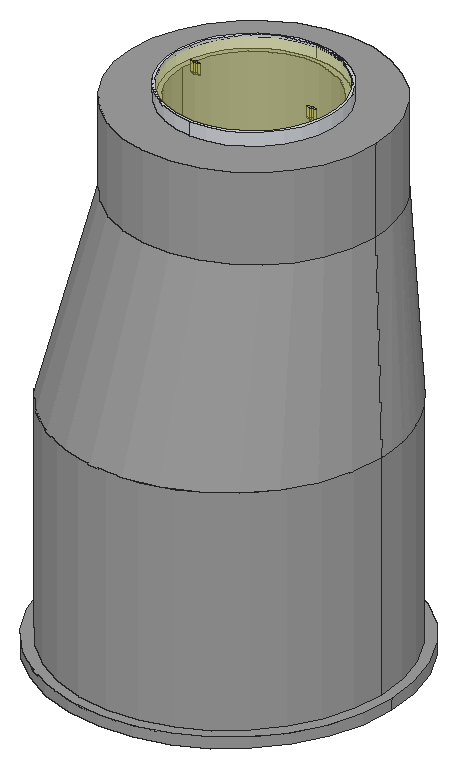
Revit family "检查井+四管+φ1000+2014", category 管路附件, Revit 2014
Parameters
  铸铁 = 默认光源
  Assembly Code = ""
  说明 = "永久免费族库下载，找构件就上构件坞"
  Type Comments = ""
  盖板2 = 10 mm  # constant formula
  混凝土 = 默认墙
  Keynote = ""
  Model = ""
  Manufacturer = ""
  三管 = yes
  d4 = d3 + 20 mm  # 770 mm
  盖板1 = 50 mm
  深度 [instance] = 400 mm
  h3 = 50 mm
  h2 = 1030 mm
  h1 = 840 mm
  d3 = d2 + 50 mm  # 750 mm
  d2 = 700 mm
  d1 = 1000 mm
  a = (D1_2 - D2_2) / 2  # 150 mm
  URL = "www.goujianwu.com"
  K Coefficient Table = (empty or 0)
  D3_2 = D1_2 + 100 mm  # 1580 mm
  D2_2 = 1180 mm
  D1_2 = 1480 mm
  4号管角度 [instance] = 270.00°
  4号管深度 [instance] = 1500 mm
  4号管尺寸 [instance] = 160 mm
  4号管外径 [instance] = [4号管尺寸] + 50 mm  # 210 mm
  3号管角度 [instance] = 180.00°
  3号管深度 [instance] = 1600 mm
  3号管尺寸 [instance] = 200 mm
  3号管外径 [instance] = [3号管尺寸] + 50 mm  # 250 mm
  2号管角度 [instance] = 90.00°
  2号管深度 [instance] = 1800 mm
  2号管尺寸 [instance] = 440 mm
  2号管外径 [instance] = [2号管尺寸] + 100 mm  # 540 mm
  1号管角度 [instance] = 0.00°
  1号管深度 [instance] = 2000 mm
  1号管尺寸 [instance] = 440 mm
  1号管外径 [instance] = [1号管尺寸] + 100 mm  # 540 mm
Reference planes
  plane 1 "中心(前/后)": y = 0
  plane 2: z = 0
  plane 3 "中心(左/右)": x = 0
  plane 4: y = 150
  plane 5: z = -400
  plane 6: z = -1240
  plane 7: z = -2270
  plane 8: z = -2320
  plane 9 "1号管心平面": z = -2000
  plane 10 "2号管心平面": z = -1800
  plane 11 "3号管心平面": z = -1600
  plane 12 "4号管心平面": z = -1500
  plane 13 "盖板": z = 50
  plane 14 "1": z = 60
Forms (mm)
  Extrusion 1, solid, material "默认墙" <- "混凝土", visible <- "三管"
    sketch origin (0, 0, 0) x (1, 0, 0) y (0, 1, 0)
      loop
        circle (0, 0) r 740
    from -2270 to -1240
  Extrusion 2, solid, material "默认墙" <- "混凝土", visible <- "三管"
    sketch origin (0, 0, 0) x (1, 0, 0) y (0, 1, 0)
      loop
        circle (0, 150) r 590
      loop
        circle (0, 150) r 350
    from -400 to 0
  Blend 3, solid, material "默认墙" <- "混凝土", visible <- "三管"
    base sketch origin (0, 0, 0) x (1, 0, 0) y (0, 1, 0)
      loop
        circle (0, 0) r 740
    top sketch origin (0, 0, 0) x (1, 0, 0) y (0, 1, 0)
      loop
        circle (0, 150) r 590
    from -1240 to -400
  Blend 4, void
    base sketch origin (0, 0, 0) x (1, 0, 0) y (0, 1, 0)
      loop
        circle (0, 0) r 500
    top sketch origin (0, 0, 0) x (1, 0, 0) y (0, 1, 0)
      loop
        circle (0, 150) r 350
    from -1240 to -400
  Extrusion 5, solid, material "默认墙" <- "混凝土"
    sketch origin (0, 0, 0) x (1, 0, 0) y (0, 1, 0)
      loop
        circle (0, 0) r 790
    from -2320 to -2270
  Extrusion 6, void
    sketch origin (0, 0, -1500) x (0, -1, 0) y (1, 0, 0)
      loop
        circle (0, 0) r 500
    from -770 to 260
  Extrusion 7, solid, material "默认光源" <- "铸铁"
    sketch origin (0, 0, -1500) x (0, -1, 0) y (1, 0, 0)
      loop
        circle (-150, 0) r 375
    from 1500 to 1550
  Extrusion 8, solid
    sketch origin (0, 0, -1500) x (0, -1, 0) y (1, 0, 0)
      loop
        circle (-150, 0) r 385
      loop
        circle (-150, 0) r 375
    from 1500 to 1560
  Extrusion 9, void
    sketch origin (-596.495, -69.435, -1500) x (-1, 0, 0) y (0, -1, 0)
      loop
        spline (-310.835, -224.963) -> (-305.323, -224.624) -> (-300.346, -224.041) -> (-296.169, -223.246) -> (-293.015, -222.281) -> (-291.05, -221.196) -> (-290.381, -220.051) -> (-291.041, -218.905) -> (-292.997, -217.82) -> (-296.144, -216.853) -> (-300.314, -216.057) -> (-305.286, -215.472) -> (-310.795, -215.131)
        spline (-310.795, -215.131) -> (-311.269, -213.194) -> (-311.892, -211.503) -> (-312.64, -210.119) -> (-313.487, -209.093) -> (-314.402, -208.461) -> (-315.351, -208.248) -> (-316.301, -208.461) -> (-317.216, -209.092) -> (-318.063, -210.118) -> (-318.812, -211.501) -> (-319.434, -213.192) -> (-319.908, -215.129)
        spline (-319.908, -215.129) -> (-325.43, -215.468) -> (-330.416, -216.052) -> (-334.599, -216.849) -> (-337.756, -217.816) -> (-339.718, -218.903) -> (-340.381, -220.051) -> (-339.709, -221.198) -> (-337.738, -222.284) -> (-334.573, -223.251) -> (-330.384, -224.046) -> (-325.394, -224.628) -> (-319.869, -224.965)
        spline (-319.869, -224.965) -> (-319.389, -226.852) -> (-318.766, -228.495) -> (-318.024, -229.837) -> (-317.187, -230.831) -> (-316.286, -231.441) -> (-315.351, -231.647) -> (-314.417, -231.441) -> (-313.516, -230.83) -> (-312.679, -229.836) -> (-311.937, -228.493) -> (-311.315, -226.85) -> (-310.835, -224.963)
    from 1500 to 1550
  Extrusion 10, void
    sketch origin (-34.266, 370.461, -1500) x (-1, 0, 0) y (0, -1, 0)
      loop
        spline (-310.835, 224.963) -> (-311.315, 226.85) -> (-311.937, 228.493) -> (-312.679, 229.836) -> (-313.516, 230.83) -> (-314.417, 231.441) -> (-315.351, 231.647) -> (-316.286, 231.441) -> (-317.187, 230.831) -> (-318.024, 229.837) -> (-318.766, 228.495) -> (-319.389, 226.852) -> (-319.869, 224.965)
        spline (-319.869, 224.965) -> (-325.394, 224.628) -> (-330.384, 224.046) -> (-334.573, 223.251) -> (-337.738, 222.284) -> (-339.709, 221.198) -> (-340.381, 220.051) -> (-339.718, 218.903) -> (-337.756, 217.816) -> (-334.599, 216.849) -> (-330.416, 216.052) -> (-325.43, 215.468) -> (-319.908, 215.129)
        spline (-319.908, 215.129) -> (-319.434, 213.192) -> (-318.812, 211.501) -> (-318.063, 210.118) -> (-317.216, 209.092) -> (-316.301, 208.461) -> (-315.351, 208.248) -> (-314.402, 208.461) -> (-313.487, 209.093) -> (-312.64, 210.119) -> (-311.892, 211.503) -> (-311.269, 213.194) -> (-310.795, 215.131)
        spline (-310.795, 215.131) -> (-305.286, 215.472) -> (-300.314, 216.057) -> (-296.144, 216.853) -> (-292.997, 217.82) -> (-291.041, 218.905) -> (-290.381, 220.051) -> (-291.05, 221.196) -> (-293.015, 222.281) -> (-296.169, 223.246) -> (-300.346, 224.041) -> (-305.323, 224.624) -> (-310.835, 224.963)
    from 1500 to 1550
Cuts and joins
  Extrusion 6 cuts Extrusion 1
  Blend 4 cuts Extrusion 2
  Blend 4 cuts Blend 3
  joined: Extrusion 1, Extrusion 2, Blend 3
  Extrusion 9, Extrusion 10 cuts Extrusion 7
Dimensions and locks
  "a": plane 4 to plane 1 "中心(前/后)"
  "深度": level to plane 5
  "h1": plane 5 to plane 6
  "h2": plane 6 to plane 7
  "h3": plane 7 to plane 8
  "1号管深度": level to plane 9 "1号管心平面"
  "2号管深度": level to plane 10 "2号管心平面"
  "3号管深度": level to plane 11 "3号管心平面"
  "4号管深度": plane 2 to plane 12 "4号管心平面"
  "盖板1": plane 13 "盖板" to level
  "盖板2": plane 14 "1" to plane 13 "盖板"
  "D1_2": diameter of Extrusion 1 sketch curve
  "d2": diameter of Extrusion 2 sketch curve
  "D2_2": diameter of Extrusion 2 sketch curve
  "D1_2": diameter of Blend 3 sketch curve
  "D2_2": diameter of Blend 3 sketch curve
  "d1": diameter of Blend 4 sketch curve
  "d2": diameter of Blend 4 sketch curve
  "D3_2": diameter of Extrusion 5 sketch curve
  "d1": diameter of Extrusion 6 sketch curve
  "d3": diameter of Extrusion 7 sketch curve
  "d4": diameter of Extrusion 8 sketch curve
  "d3": diameter of Extrusion 8 sketch curve
  aligned and locked: level to plane 2
  aligned and locked: Extrusion 2 to plane 5
  aligned and locked: Blend 3 to Extrusion 2
  aligned and locked: Blend 4 to Extrusion 2
  aligned and locked: Blend 4 to plane 6
  aligned and locked: Blend 3 to Blend 4
  aligned and locked: Extrusion 1 to cut or joined group of Extrusion 1, Extrusion 2, Blend 3, Blend 4, Extrusion 6
  aligned and locked: Extrusion 1 to plane 7
  aligned and locked: Extrusion 5 to plane 8
  aligned and locked: plane 7 to Extrusion 5
  aligned and locked: plane 2 to cut or joined group of Extrusion 1, Extrusion 2, Blend 3, Blend 4, Extrusion 6
  aligned and locked: plane 13 "盖板" to Extrusion 7
  aligned and locked: Extrusion 7 to level
  aligned and locked: Extrusion 8 to level
  aligned and locked: plane 14 "1" to Extrusion 8
Automatic sketch dimensions
  Extrusion 9 sketch curve to plane 4 = 4.306 mm
  Extrusion 9 sketch curve to plane 3 "中心(左/右)" = 276.587 mm
  plane 4 to Extrusion 9 sketch curve = 5.53 mm
  Extrusion 9 sketch curve to Extrusion 9 sketch curve = 0.04 mm
  plane 4 to Extrusion 9 sketch curve = 0.611 mm
  Extrusion 9 sketch curve to Extrusion 9 sketch curve = 4.488 mm
  Extrusion 9 sketch curve to Extrusion 9 sketch curve = 0 mm  (x4)
  Extrusion 9 sketch curve to Extrusion 9 sketch curve = 4.517 mm
  plane 4 to Extrusion 9 sketch curve = 5.528 mm
  Extrusion 9 sketch curve to Extrusion 9 sketch curve = 4.546 mm
  Extrusion 9 sketch curve to Extrusion 9 sketch curve = 4.557 mm
  Extrusion 9 sketch curve to Extrusion 9 sketch curve = 20.415 mm
  Extrusion 9 sketch curve to Extrusion 9 sketch curve = 0.099 mm
  Extrusion 10 sketch curve to plane 4 = 5.332 mm
  Extrusion 10 sketch curve to plane 3 "中心(左/右)" = 285.642 mm
  plane 4 to Extrusion 10 sketch curve = 4.504 mm
  Extrusion 10 sketch curve to Extrusion 10 sketch curve = 0.04 mm
  Extrusion 10 sketch curve to plane 4 = 0.415 mm
  Extrusion 10 sketch curve to Extrusion 10 sketch curve = 4.488 mm
  Extrusion 10 sketch curve to Extrusion 10 sketch curve = 0 mm  (x4)
  Extrusion 10 sketch curve to Extrusion 10 sketch curve = 4.517 mm
  plane 4 to Extrusion 10 sketch curve = 4.502 mm
  Extrusion 10 sketch curve to Extrusion 10 sketch curve = 4.546 mm
  Extrusion 10 sketch curve to Extrusion 10 sketch curve = 4.557 mm
  Extrusion 10 sketch curve to Extrusion 10 sketch curve = 20.415 mm
  Extrusion 10 sketch curve to Extrusion 10 sketch curve = 0.099 mm
  plane 1 "中心(前/后)" to Extrusion 1 sketch curve = 0 mm
  Extrusion 1 sketch curve to plane 3 "中心(左/右)" = 0 mm
  Extrusion 2 sketch curve to Extrusion 2 sketch curve = 0 mm  (x2)
  Extrusion 2 sketch curve to plane 3 "中心(左/右)" = 0 mm
  Extrusion 2 sketch curve to plane 4 = 0 mm
  plane 1 "中心(前/后)" to Blend 3 sketch curve = 0 mm
  Blend 3 sketch curve to plane 3 "中心(左/右)" = 0 mm  (x2)
  Blend 3 sketch curve to plane 4 = 0 mm
  plane 1 "中心(前/后)" to Blend 4 sketch curve = 0 mm
  Blend 4 sketch curve to plane 3 "中心(左/右)" = 0 mm  (x2)
  Blend 4 sketch curve to plane 4 = 0 mm
  plane 1 "中心(前/后)" to Extrusion 5 sketch curve = 0 mm
  Extrusion 5 sketch curve to plane 3 "中心(左/右)" = 0 mm
  plane 1 "中心(前/后)" to Extrusion 6 sketch curve = 0 mm
  Extrusion 6 sketch curve to plane 3 "中心(左/右)" = 0 mm
  Extrusion 7 sketch curve to plane 3 "中心(左/右)" = 0 mm
  Extrusion 7 sketch curve to plane 4 = 0 mm
  Extrusion 8 sketch curve to Extrusion 8 sketch curve = 0 mm  (x2)
  Extrusion 8 sketch curve to plane 3 "中心(左/右)" = 0 mm
  Extrusion 8 sketch curve to plane 4 = 0 mm
